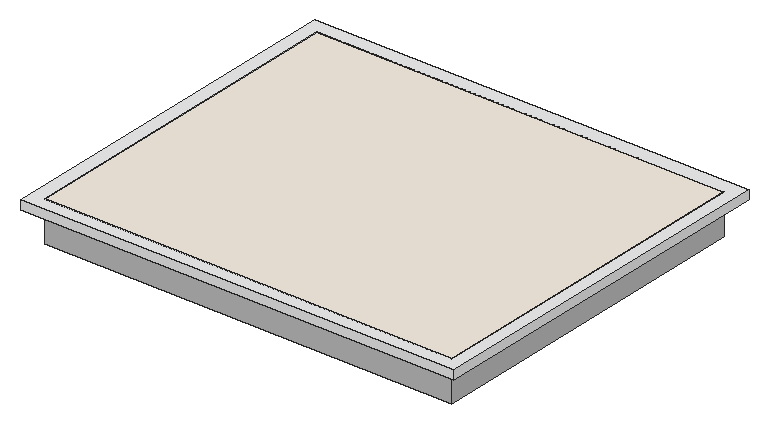
Revit family "Lighting-Industrial-GEWISS-ELIA-HL-LED_HIGHBAY", category Apparecchi per illuminazione, host Superficie, Revit 2019 (continued)
Types (12, lengths in mm): name | Weight (kg): | Weight (kg) | Voltage | Technical sheet | System power | Optic | built-in parameter 1150142 | Lumen output (lm) | Model | IDT | File diagramma fotometrico | Description
    1765.45 1685.04 1609.22 1536.12 \r\n1464.72 1395.02 1325.66 1258.26 1193.91 1131.61 1070.15 \r\n1010.14 951.07 893.69 838.36 785.32 735.16 687.99 644.13 \r\n602.99 564.57 528.11 492.75 458.92 427.13 396.44 366.44 \r\n337.37 309.57 282.96 257.55 233.16 209.44 187.25 167.39 \r\n149.08 131.87 115.70 100.32 85.94 72.77 60.64 49.37 39.21 \r\n30.33 22.73 16.48 11.61 8.33 6.31 5.26 5.27 \r\n4943.60 4943.60 4943.60 4945.30 4946.15 4947.00 4948.70 \r\n4950.40 4952.10 4954.65 4956.35 4958.90 4962.30 4964.85 \r\n4968.25 4971.65 4975.90 4979.30 4984.40 4988.65 4993.75 \r\n4998.00 5003.10 5007.35 5012.45 5016.70 5020.95 5026.05 \r\n5031.15 5035.40 5040.50 5045.60 5050.70 5055.80 5061.75 \r\n5067.70 5073.65 5080.45 5086.40 5093.20 5099.15 5105.95 \r\n5111.90 5118.70 5125.50 5131.45 5138.25 5145.05 5151.00 \r\n5158.65 5165.45 5172.25 5179.05 5185.85 5191.80 5198.60 \r\n5205.40 5211.35 5218.15 5223.25 5228.35 5231.75 5236.00 \r\n5238.55 5241.95 5243.65 5245.35 5245.35 5245.35 5243.65 \r\n5241.95 5240.25 5236.85 5232.60 5226.65 5219.85 5212.20 \r\n5203.70 5192.65 5182.45 5169.70 5156.95 5142.50 5127.20 \r\n5110.20 5092.35 5072.80 5051.55 5028.60 5006.50 4981.85 \r\n4952.95 4921.50 4886.65 4849.25 4808.45 4763.40 4711.55 \r\n4653.75 4590.00 4521.15 4449.75 4374.10 4299.30 4221.95 \r\n4139.50 4049.40 3950.80 3846.25 3734.90 3621.00 3507.10 \r\n3394.05 3284.40 3174.75 3068.50 2964.80 2867.05 2770.15 \r\n2669.85 2571.25 2475.20 2381.70 2287.35 2194.70 2107.15 \r\n2021.30 1934.60 1848.75 1766.30 1686.14 1610.15 1536.80 \r\n1464.89 1394.68 1325.66 1258.60 1194.42 1131.94 1070.66 \r\n1010.57 951.58 894.12 838.78 785.74 735.42 688.16 644.22 \r\n603.08 564.57 528.11 492.83 459.00 427.04 396.44 366.44 \r\n337.45 309.83 283.31 257.72 233.32 209.70 187.59 167.59 \r\n149.20 131.95 115.75 100.40 86.05 72.86 60.70 49.44 39.29 \r\n30.35 22.73 16.50 11.68 8.41 6.38 5.31 5.28 \r\n4943.60 4943.60 4943.60 4945.30 4946.15 4947.00 4947.85 \r\n4950.40 4952.10 4953.80 4956.35 4958.90 4962.30 4964.85 \r\n4968.25 4971.65 4975.90 4979.30 4984.40 4988.65 4993.75 \r\n4998.00 5003.10 5007.35 5012.45 5017.55 5020.95 5026.05 \r\n5031.15 5036.25 5040.50 5046.45 5051.55 5057.50 5062.60 \r\n5068.55 5074.50 5081.30 5088.10 5094.05 5100.00 5105.95 \r\n5112.75 5118.70 5125.50 5132.30 5139.95 5145.90 5152.70 \r\n5158.65 5166.30 5173.10 5179.90 5186.70 5193.50 5200.30 \r\n5206.25 5213.05 5218.15 5223.25 5228.35 5233.45 5236.85 \r\n5240.25 5242.80 5245.35 5246.20 5247.05 5246.20 5245.35 \r\n5243.65 5241.10 5238.55 5233.45 5228.35 5221.55 5213.90 \r\n5204.55 5194.35 5182.45 5171.40 5157.80 5144.20 5128.05 \r\n5111.05 5092.35 5073.65 5052.40 5030.30 5006.50 4981.00 \r\n4952.95 4922.35 4887.50 4850.10 4808.45 4763.40 4712.40 \r\n4654.60 4590.00 4522.00 4449.75 4374.10 4300.15 4221.10 \r\n4137.80 4049.40 3950.80 3846.25 3734.90 3621.85 3507.95 \r\n3395.75 3284.40 3175.60 3069.35 2965.65 2867.90 2770.15 \r\n2670.70 2571.25 2476.05 2382.55 2288.20 2196.40 2108.00 \r\n2021.30 1935.45 1850.45 1768.00 1687.42 1611.26 1537.56 \r\n1465.23 1394.60 1325.74 1259.02 1194.93 1132.54 1071.26 \r\n1011.25 952.17 894.71 839.29 786.25 736.01 688.59 644.64 \r\n603.41 564.83 528.27 492.92 459.17 427.13 396.44 366.52 \r\n337.70 310.17 283.73 258.14 233.50 209.95 187.85 167.91 \r\n149.40 132.08 115.86 100.54 86.22 73.00 60.79 49.53 39.36 \r\n30.40 22.73 16.53 11.75 8.49 6.45 5.35 5.28 \r\n4943.60 4943.60 4943.60 4944.45 4946.15 4947.00 4948.70 \r\n4950.40 4952.10 4953.80 4956.35 4958.90 4962.30 4964.85 \r\n4968.25 4971.65 4975.05 4979.30 4984.40 4988.65 4993.75 \r\n4998.00 5003.10 5008.20 5012.45 5017.55 5021.80 5026.05 \r\n5031.15 5036.25 5042.20 5046.45 5051.55 5057.50 5063.45 \r\n5069.40 5076.20 5081.30 5088.10 5094.05 5100.85 5107.65 \r\n5113.60 5119.55 5127.20 5133.15 5139.95 5146.75 5152.70 \r\n5160.35 5166.30 5173.95 5180.75 5187.55 5193.50 5200.30 \r\n5207.10 5213.05 5219.85 5224.95 5230.05 5234.30 5238.55 \r\n5241.95 5244.50 5246.20 5247.90 5247.90 5247.05 5246.20 \r\n5244.50 5241.95 5238.55 5234.30 5229.20 5223.25 5214.75 \r\n5205.40 5195.20 5184.15 5172.25 5159.50 5144.20 5128.90 \r\n5111.90 5093.20 5073.65 5053.25 5030.30 5007.35 4981.85 \r\n4953.80 4922.35 4887.50 4850.10 4809.30 4763.40 4712.40 \r\n4654.60 4590.85 4522.00 4449.75 4374.95 4300.15 4221.10 \r\n4137.80 4048.55 3950.80 3846.25 3736.60 3622.70 3508.80 \r\n3396.60 3285.25 3176.45 3070.20 2966.50 2867.90 2771.00 \r\n2671.55 2572.10 2476.05 2382.55 2289.05 2197.25 2109.70 \r\n2023.00 1936.30 1852.15 1768.85 1688.78 1612.45 1538.41 \r\n1465.48 1394.51 1326.00 1259.62 1195.61 1133.31 1072.02 \r\n1012.01 952.93 895.47 839.97 786.93 736.70 689.18 645.15 \r\n603.84 565.16 528.45 493.17 459.42 427.38 396.52 366.69 \r\n337.96 310.50 284.15 258.49 233.84 210.29 188.36 168.24 \r\n149.65 132.27 116.03 100.72 86.43 73.17 60.92 49.65 39.47 \r\n30.45 22.75 16.57 11.83 8.57 6.52 5.40 5.29 \r\n4943.60 4943.60 4943.60 4944.45 4946.15 4947.85 4948.70 \r\n4950.40 4952.10 4953.80 4956.35 4958.90 4962.30 4964.85 \r\n4968.25 4971.65 4975.05 4979.30 4984.40 4988.65 4993.75 \r\n4998.00 5003.10 5008.20 5012.45 5017.55 5022.65 5026.90 \r\n5032.00 5037.10 5042.20 5048.15 5052.40 5058.35 5064.30 \r\n5070.25 5076.20 5082.15 5088.95 5095.75 5101.70 5107.65 \r\n5114.45 5120.40 5127.20 5134.00 5140.80 5147.60 5154.40 \r\n5160.35 5168.00 5174.80 5181.60 5188.40 5195.20 5202.00 \r\n5207.95 5214.75 5219.85 5226.65 5230.90 5236.00 5239.40 \r\n5242.80 5245.35 5247.05 5247.90 5248.75 5247.90 5247.05 \r\n5245.35 5242.80 5239.40 5236.00 5230.05 5223.25 5216.45 \r\n5207.10 5196.90 5185.00 5173.95 5160.35 5145.90 5129.75 \r\n5112.75 5094.90 5075.35 5053.25 5030.30 5007.35 4981.85 \r\n4953.80 4922.35 4888.35 4850.95 4809.30 4763.40 4712.40 \r\n4654.60 4590.00 4521.15 4449.75 4374.95 4299.30 4220.25 \r\n4136.95 4047.70 3949.95 3846.25 3736.60 3623.55 3510.50 \r\n3397.45 3286.10 3177.30 3070.20 2966.50 2867.90 2771.00 \r\n2670.70 2572.10 2476.05 2382.55 2289.05 2198.95 2110.55 \r\n2023.85 1937.15 1852.15 1769.70 1690.31 1613.64 1539.27 \r\n1465.82 1394.43 1326.17 1260.30 1196.38 1134.07 1072.95 \r\n1013.03 953.87 896.33 840.82 787.70 737.46 690.03 645.83 \r\n604.43 565.59 528.70 493.42 459.77 427.55 396.69 366.86 \r\n338.21 310.85 284.58 258.91 234.26 210.80 188.87 168.61 \r\n149.96 132.51 116.22 100.94 86.67 73.36 61.07 49.78 39.58 \r\n30.51 22.76 16.61 11.90 8.65 6.59 5.44 5.29 \r\n4943.60 4943.60 4943.60 4944.45 4946.15 4947.85 4948.70 \r\n4950.40 4952.10 4953.80 4956.35 4958.90 4962.30 4964.85 \r\n4968.25 4971.65 4975.05 4980.15 4984.40 4988.65 4993.75 \r\n4998.85 5003.10 5008.20 5013.30 5017.55 5022.65 5026.90 \r\n5032.00 5037.10 5043.05 5048.15 5054.10 5059.20 5065.15 \r\n5071.10 5077.05 5083.85 5089.80 5095.75 5102.55 5108.50 \r\n5114.45 5121.25 5128.05 5134.85 5141.65 5147.60 5154.40 \r\n5162.05 5168.00 5175.65 5182.45 5188.40 5195.20 5202.00 \r\n5208.80 5215.60 5221.55 5227.50 5232.60 5236.85 5241.10 \r\n5243.65 5247.05 5248.75 5248.75 5248.75 5248.75 5247.90 \r\n5246.20 5243.65 5240.25 5236.85 5230.90 5224.95 5216.45 \r\n5207.95 5197.75 5186.70 5174.80 5161.20 5146.75 5129.75 \r\n5112.75 5094.90 5075.35 5054.10 5030.30 5007.35 4981.85 \r\n4953.80 4922.35 4888.35 4850.95 4810.15 4764.25 4711.55 \r\n4654.60 4590.00 4521.15 4449.75 4374.95 4299.30 4220.25 \r\n4136.10 4046.85 3950.80 3847.10 3737.45 3624.40 3511.35 \r\n3398.30 3287.80 3178.15 3071.05 2967.35 2868.75 2771.85 \r\n2671.55 2572.10 2476.90 2382.55 2290.75 2199.80 2112.25 \r\n2024.70 1938.00 1853.85 1771.40 1691.76 1615.09 1540.29 \r\n1466.25 1394.43 1326.51 1261.06 1197.22 1135.01 1073.89 \r\n1013.97 954.80 897.26 841.75 788.63 738.39 690.88 646.68 \r\n605.03 566.10 529.13 493.77 460.11 427.81 396.87 367.12 \r\n338.56 311.36 285.09 259.34 234.51 211.23 189.29 169.10 \r\n150.31 132.78 116.44 101.18 86.94 73.58 61.23 49.92 39.71 \r\n30.57 22.79 16.66 11.98 8.73 6.66 5.49 5.30 \r\n4943.60 4943.60 4944.45 4944.45 4946.15 4947.85 4948.70 \r\n4950.40 4952.10 4953.80 4955.50 4958.90 4962.30 4964.85 \r\n4968.25 4971.65 4975.05 4980.15 4984.40 4988.65 4993.75 \r\n4998.85 5003.10 5008.20 5013.30 5018.40 5023.50 5028.60 \r\n5032.85 5037.95 5043.05 5049.00 5054.10 5060.05 5066.00 \r\n5071.95 5078.75 5083.85 5090.65 5096.60 5103.40 5109.35 \r\n5116.15 5122.10 5128.90 5135.70 5141.65 5148.45 5156.10 \r\n5162.05 5169.70 5176.50 5182.45 5190.10 5196.90 5203.70 \r\n5209.65 5216.45 5222.40 5228.35 5233.45 5237.70 5241.95 \r\n5245.35 5247.90 5249.60 5249.60 5249.60 5249.60 5248.75 \r\n5247.05 5244.50 5241.95 5236.85 5232.60 5225.80 5218.15 \r\n5208.80 5198.60 5187.55 5175.65 5162.05 5146.75 5131.45 \r\n5113.60 5095.75 5076.20 5054.10 5031.15 5007.35 4981.85 \r\n4953.80 4922.35 4889.20 4851.80 4810.15 4764.25 4711.55 \r\n4653.75 4589.15 4521.15 4448.90 4374.10 4299.30 4219.40 \r\n4136.10 4046.00 3949.95 3847.10 3737.45 3624.40 3512.20 \r\n3400.00 3287.80 3178.15 3071.05 2967.35 2868.75 2771.00 \r\n2671.55 2572.10 2476.90 2383.40 2290.75 2200.65 2112.25 \r\n2025.55 1939.70 1855.55 1773.10 1693.29 1616.36 1541.22 \r\n1466.68 1394.68 1327.02 1261.82 1198.16 1135.86 1074.91 \r\n1015.07 955.91 898.20 842.69 789.57 739.25 691.73 647.45 \r\n605.79 566.53 529.47 494.11 460.44 428.14 397.04 367.37 \r\n338.89 311.78 285.60 259.76 234.94 211.65 189.80 169.52 \r\n150.67 133.08 116.69 101.44 87.22 73.81 61.41 50.07 39.83 \r\n30.65 22.82 16.71 12.06 8.81 6.73 5.53 5.31 \r\n4943.60 4943.60 4944.45 4944.45 4946.15 4947.00 4948.70 \r\n4950.40 4952.10 4953.80 4956.35 4958.90 4962.30 4964.00 \r\n4968.25 4971.65 4975.90 4980.15 4984.40 4989.50 4993.75 \r\n4998.85 5003.95 5008.20 5013.30 5018.40 5023.50 5028.60 \r\n5033.70 5038.80 5044.75 5049.00 5054.95 5060.90 5066.85 \r\n5071.95 5078.75 5084.70 5091.50 5098.30 5103.40 5110.20 \r\n5116.15 5122.95 5128.90 5135.70 5143.35 5149.30 5156.10 \r\n5162.90 5170.55 5176.50 5184.15 5190.95 5196.90 5203.70 \r\n5210.50 5217.30 5224.10 5229.20 5235.15 5238.55 5242.80 \r\n5246.20 5248.75 5250.45 5251.30 5251.30 5250.45 5249.60 \r\n5247.90 5246.20 5242.80 5238.55 5233.45 5226.65 5219.00 \r\n5210.50 5199.45 5188.40 5176.50 5162.90 5147.60 5132.30 \r\n5113.60 5095.75 5076.20 5054.95 5031.15 5007.35 4982.70 \r\n4953.80 4922.35 4889.20 4852.65 4810.15 4764.25 4711.55 \r\n4652.90 4588.30 4520.30 4448.05 4374.10 4298.45 4219.40 \r\n4135.25 4046.00 3949.95 3847.10 3738.30 3625.25 3513.05 \r\n3400.00 3289.50 3178.15 3071.90 2968.20 2868.75 2771.85 \r\n2672.40 2572.95 2476.90 2383.40 2290.75 2201.50 2113.95 \r\n2026.40 1940.55 1855.55 1774.80 1694.81 1617.63 1542.15 \r\n1467.36 1394.94 1327.53 1262.85 1199.10 1136.79 1075.85 \r\n1016.00 956.84 899.13 843.71 790.50 740.26 692.75 648.29 \r\n606.56 567.12 529.89 494.62 460.87 428.31 397.29 367.54 \r\n339.23 312.20 286.11 260.19 235.28 212.16 190.40 170.06 \r\n151.05 133.39 116.97 101.72 87.50 74.06 61.61 50.23 39.97 \r\n30.74 22.87 16.77 12.14 8.89 6.79 5.57 5.31 \r\n4943.60 4943.60 4944.45 4944.45 4946.15 4947.00 4948.70 \r\n4950.40 4952.10 4953.80 4956.35 4958.90 4962.30 4964.00 \r\n4968.25 4971.65 4975.90 4980.15 4984.40 4989.50 4993.75 \r\n4998.85 5003.95 5009.05 5013.30 5018.40 5023.50 5028.60 \r\n5033.70 5039.65 5044.75 5050.70 5055.80 5061.75 5066.85 \r\n5073.65 5079.60 5086.40 5091.50 5098.30 5105.10 5110.20 \r\n5117.00 5122.95 5129.75 5136.55 5143.35 5150.15 5156.95 \r\n5163.75 5170.55 5178.20 5184.15 5190.95 5198.60 5205.40 \r\n5212.20 5219.00 5224.95 5230.05 5235.15 5240.25 5244.50 \r\n5247.05 5250.45 5251.30 5252.15 5252.15 5252.15 5250.45 \r\n5248.75 5247.05 5243.65 5239.40 5234.30 5227.50 5219.85 \r\n5210.50 5200.30 5189.25 5176.50 5163.75 5148.45 5131.45 \r\n5114.45 5096.60 5076.20 5054.95 5032.00 5007.35 4981.85 \r\n4953.80 4922.35 4889.20 4852.65 4811.00 4763.40 4710.70 \r\n4652.05 4587.45 4519.45 4447.20 4374.10 4297.60 4218.55 \r\n4134.40 4045.15 3949.10 3847.10 3738.30 3626.10 3513.90 \r\n3400.85 3289.50 3179.85 3071.90 2968.20 2869.60 2771.00 \r\n2671.55 2572.95 2476.90 2383.40 2292.45 2202.35 2113.95 \r\n2027.25 1941.40 1857.25 1774.80 1696.09 1618.82 1543.09 \r\n1467.95 1395.36 1328.21 1263.78 1200.03 1137.72 1076.87 \r\n1017.11 957.87 900.15 844.56 791.43 741.20 693.68 649.14 \r\n607.33 567.72 530.32 494.95 461.21 428.65 397.55 367.96 \r\n339.58 312.63 286.62 260.61 235.79 212.59 190.91 170.52 \r\n151.44 133.72 117.25 102.00 87.79 74.31 61.80 50.40 40.09 \r\n30.82 22.92 16.83 12.22 8.96 6.85 5.60 5.32 \r\n4943.60 4943.60 4944.45 4944.45 4946.15 4947.00 4948.70 \r\n4950.40 4952.10 4953.80 4956.35 4958.90 4962.30 4964.00 \r\n4968.25 4972.50 4975.90 4980.15 4984.40 4989.50 4993.75 \r\n4998.85 5003.95 5009.05 5014.15 5019.25 5024.35 5029.45 \r\n5034.55 5039.65 5044.75 5050.70 5056.65 5062.60 5068.55 \r\n5073.65 5079.60 5086.40 5092.35 5099.15 5105.10 5111.90 \r\n5117.85 5123.80 5130.60 5137.40 5144.20 5151.00 5157.80 \r\n5164.60 5172.25 5178.20 5185.85 5192.65 5199.45 5206.25 \r\n5213.05 5219.85 5225.80 5231.75 5236.00 5241.10 5245.35 \r\n5248.75 5250.45 5252.15 5253.00 5253.00 5252.15 5251.30 \r\n5249.60 5247.05 5243.65 5240.25 5235.15 5229.20 5220.70 \r\n5211.35 5201.15 5190.10 5177.35 5164.60 5148.45 5132.30 \r\n5115.30 5096.60 5076.20 5054.95 5032.00 5008.20 4982.70 \r\n4953.80 4923.20 4890.05 4853.50 4811.00 4763.40 4710.70 \r\n4651.20 4586.60 4518.60 4446.35 4373.25 4296.75 4218.55 \r\n4133.55 4044.30 3948.25 3846.25 3738.30 3626.10 3513.90 \r\n3401.70 3289.50 3179.85 3072.75 2969.05 2869.60 2771.85 \r\n2671.55 2573.80 2476.90 2383.40 2292.45 2203.20 2114.80 \r\n2028.10 1942.25 1858.10 1776.50 1697.62 1620.02 1544.11 \r\n1468.63 1395.95 1328.97 1264.80 1201.13 1138.74 1077.80 \r\n1018.04 958.72 900.91 845.50 792.37 742.13 694.71 650.08 \r\n608.00 568.22 530.65 495.30 461.55 428.91 397.71 368.13 \r\n339.92 313.06 286.96 261.04 236.13 213.09 191.42 170.99 \r\n151.82 134.05 117.54 102.29 88.06 74.55 61.99 50.55 40.22 \r\n30.91 22.98 16.90 12.29 9.03 6.91 5.64 5.32 \r\n4943.60 4943.60 4944.45 4944.45 4946.15 4947.00 4948.70 \r\n4950.40 4952.10 4953.80 4956.35 4958.90 4962.30 4964.00 \r\n4968.25 4972.50 4976.75 4980.15 4985.25 4989.50 4994.60 \r\n4999.70 5003.95 5009.05 5014.15 5019.25 5024.35 5029.45 \r\n5034.55 5039.65 5045.60 5050.70 5056.65 5062.60 5068.55 \r\n5074.50 5081.30 5086.40 5092.35 5099.15 5105.95 5111.90 \r\n5118.70 5124.65 5131.45 5137.40 5145.05 5151.85 5158.65 \r\n5166.30 5172.25 5179.90 5186.70 5193.50 5201.15 5207.95 \r\n5214.75 5221.55 5227.50 5232.60 5237.70 5241.95 5246.20 \r\n5249.60 5251.30 5253.00 5254.70 5254.70 5253.00 5252.15 \r\n5250.45 5247.90 5244.50 5241.10 5235.15 5230.05 5221.55 \r\n5212.20 5202.00 5190.10 5178.20 5164.60 5149.30 5133.15 \r\n5115.30 5096.60 5077.05 5055.80 5032.85 5009.05 4983.55 \r\n4954.65 4924.05 4890.90 4854.35 4811.85 4763.40 4709.85 \r\n4650.35 4585.75 4516.05 4446.35 4372.40 4297.60 4218.55 \r\n4133.55 4043.45 3948.25 3846.25 3737.45 3626.10 3513.90 \r\n3400.85 3289.50 3179.85 3073.60 2969.90 2869.60 2771.00 \r\n2672.40 2573.80 2476.90 2382.55 2292.45 2203.20 2115.65 \r\n2028.10 1942.25 1858.10 1777.35 1698.13 1620.53 1544.88 \r\n1469.90 1397.82 1331.02 1266.59 1202.32 1139.51 1078.48 \r\n1018.64 959.31 901.34 845.92 792.88 742.64 695.22 650.59 \r\n608.60 568.65 531.00 495.55 461.72 429.25 398.06 368.39 \r\n340.17 313.14 287.05 261.12 236.30 213.26 191.68 171.22 \r\n152.08 134.35 117.86 102.54 88.24 74.71 62.17 50.69 40.32 \r\n31.02 23.09 16.99 12.37 9.10 6.97 5.68 5.33 \r\n4943.60 4943.60 4944.45 4944.45 4946.15 4947.00 4948.70 \r\n4950.40 4952.10 4953.80 4956.35 4958.90 4962.30 4964.85 \r\n4968.25 4972.50 4976.75 4980.15 4985.25 4989.50 4994.60 \r\n4999.70 5004.80 5010.75 5015.00 5020.10 5025.20 5030.30 \r\n5035.40 5041.35 5046.45 5052.40 5057.50 5062.60 5068.55 \r\n5075.35 5081.30 5087.25 5093.20 5099.15 5105.95 5112.75 \r\n5118.70 5125.50 5131.45 5138.25 5145.90 5152.70 5158.65 \r\n5166.30 5173.95 5180.75 5188.40 5195.20 5202.00 5208.80 \r\n5215.60 5222.40 5229.20 5234.30 5238.55 5243.65 5247.90 \r\n5251.30 5253.00 5254.70 5254.70 5254.70 5254.70 5253.85 \r\n5252.15 5249.60 5246.20 5241.95 5236.85 5230.05 5222.40 \r\n5213.05 5202.85 5190.95 5179.05 5165.45 5150.15 5133.15 \r\n5116.15 5097.45 5077.90 5056.65 5033.70 5009.90 4984.40 \r\n4956.35 4924.90 4892.60 4855.20 4811.85 4763.40 4709.00 \r\n4649.50 4584.90 4515.20 4444.65 4372.40 4296.75 4217.70 \r\n4133.55 4043.45 3947.40 3846.25 3737.45 3625.25 3512.20 \r\n3400.00 3289.50 3179.85 3073.60 2969.05 2869.60 2771.85 \r\n2671.55 2573.80 2477.75 2383.40 2291.60 2203.20 2114.80 \r\n2028.10 1943.10 1859.80 1777.35 1698.56 1621.04 1545.56 \r\n1471.27 1399.78 1332.97 1268.37 1203.60 1140.36 1079.08 \r\n1019.15 959.57 901.68 846.26 793.39 743.16 695.64 651.10 
